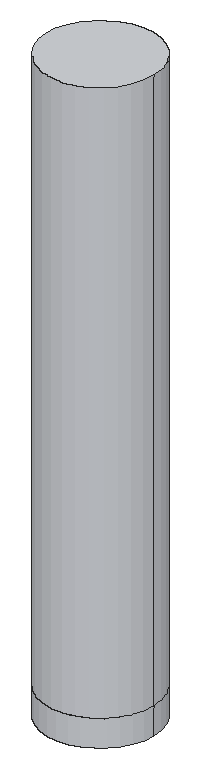
Revit family "4967522c6a214f3dba2197f91fe53585", category Sprinklers, host Face, Revit 2021
Family settings
  Host = Face
  Maintain Annotation Orientation = Yes
  Round Connector Dimension = Use Radius
  Part Type = Normal
  OmniClass Number = 23.65.70.17.11.24
  OmniClass Title = Fire Fighting Sprinkler Heads
  Seek Item ID = Sprinkler - Horizontal Sidewall - Hosted-0000-USA-ENU
  Cut with Voids When Loaded = No
  Shared = No
  Room Calculation Point = No
Parameters (values of type "1/2" Horizontal Sidewall")
  Temperature Rating = 135 °F
  Response = Standard
  Pressure Drop [instance] = 7.00 psi
  Pressure Class = Standard
  Orifice Size = 1/2"
  Orifice = Standard
  K-Factor = 5.6
  Flow [instance] = 30 GPM
  Escutcheon Diameter = Nominal Diameter  # 1/2"
  Coverage = Standard
  Nominal Diameter = Nominal Radius * 2  # 1/2"
  Nominal Radius = 1/4"
  Escutcheon Radius = 0.5 * Escutcheon Diameter  # 1/4"
  Protrusion = Overall Length - CEL  # 2 3/4"
  Overall Length = 3"
  Escutcheon Thickness = 1/8"
  Default Elevation = 8' - 0"
  CEL = 1/4"
  Assembly Code = ""
Types (2): name | Pressure Drop | Orifice Size | K-Factor | Flow | Escutcheon Diameter | Nominal Diameter | Nominal Radius | Escutcheon Radius | Protrusion | Overall Length | CEL
  1/2" Horizontal Sidewall | 7.00 psi | 1/2" | 5.6 | 30 GPM | 1/2" | 1/2" | 1/4" | 1/4" | 2 3/4" | 3" | 1/4"
  3/4" Horizontal Sidewall | 14.00 psi | 17/32" | 8 | 43 GPM | 3/4" | 3/4" | 3/8" | 3/8" | 2 9/16" | 2 15/16" | 3/8"
Reference planes (in)
  plane 1 "Center (Front/Back)": y = 0
  plane 2: z = 0
  plane 3 "Center (Left/Right)": x = 0
  plane 4: z = -0.25
  plane 5: z = 0.125
  plane 6: z = 2.75
  plane 7: z = 0
Forms (in)
  Extrusion 1, solid
    sketch origin (0, 0, 0) x (1, 0, 0) y (0, 1, 0)
      loop
        circle (0, 0) r 0.25
    from 0 to 2.75
  Extrusion 2, solid
    sketch origin (0, 0, 0) x (1, 0, 0) y (0, 1, 0)
      loop
        circle (0, 0) r 0.25
    from 0 to 0.125
Cuts and joins
  joined: Extrusion 1, Extrusion 2
Dimensions and locks (in)
  "Escutcheon Thickness": plane 5 to level
  "Protrusion": plane 6 to level
  "Overall Length": plane 6 to plane 4
  "CEL": plane 7 to plane 4
  "Nominal Radius": radius of Extrusion 1 sketch curve
  "Escutcheon Radius": radius of Extrusion 2 sketch curve
  aligned and locked: plane 2 to host face
  aligned and locked: level to host face
  aligned and locked: Extrusion 2 to level
  aligned and locked: plane 5 to Extrusion 2
  aligned and locked: plane 6 to Extrusion 1
  aligned and locked: Extrusion 1 to plane 7
Automatic sketch dimensions
  Extrusion 1 sketch curve to plane 1 "Center (Front/Back)" = 0' - 0"
  Extrusion 1 sketch curve to plane 3 "Center (Left/Right)" = 0' - 0"
  Extrusion 2 sketch curve to plane 1 "Center (Front/Back)" = 0' - 0"
  Extrusion 2 sketch curve to plane 3 "Center (Left/Right)" = 0' - 0"
  host sketch curve to host sketch curve = 8' - 0"  (x2)
Nested families (in)
  nested 1: "Sprinkler - Symbol - Horizontal Sidewall" at (0, 0, 0), type "Sprinkler - Symbol - Horizontal Sidewall"
Connectors (in)
  piping at (0, 0, 0), diameter 0.5, driven by "Nominal Radius", driven by "Flow", driven by "Pressure Drop"
    settings: on cut or joined group of Extrusion 1, Extrusion 2, index 1, connector inside diameter 1/2", connector length 0' - 0", flow factor 0, pipe flow 30 GPM, pressure drop 7.00 psi, fitting loss kfactor 0, connector angle 0.00°, fixture units 0, engagement length 0' - 0", angle of deflection 0.00°, flow configuration 1, flow direction 1, fitting loss method 4, system type 23, joint type 0, gender type 0, connector reference index -1, connector utility 0, adjustable connector no, is connector primary yes, connector description "In"
Definition of nested family "Sprinkler - Symbol - Horizontal Sidewall"
  Parameters
    Symbol Width = Symbol Depth  # 1/16"
    Symbol Half Width = 0.5 * Symbol Width  # 1/32"
    Symbol Depth = 1/16"
  Reference planes (in)
    plane 1: y = 0
    plane 2: x = 0
  Lines and regions (in)
    reference lines
      curve 1: line (-0.03125, 0, 0) -> (-0.03125, 0.0625, 0)
      curve 2: line (-0.03125, 0.0625, 0) -> (0.03125, 0.0625, 0)
      curve 3: line (0.03125, 0.0625, 0) -> (0.03125, 0, 0)
      curve 4: line (-0.03125, 0.0625, 0) -> (0, 0, 0)
      curve 5: line (0, 0, 0) -> (0.03125, 0.0625, 0)
    detail lines
      curve 6: line (-0.03125, 0.0625, 0) -> (0.03125, 0.0625, 0)
      curve 7: line (0.03125, 0.0625, 0) -> (0, 0, 0)
      curve 8: line (-0.03125, 0.0625, 0) -> (0, 0, 0)
  Dimensions and locks (in)
    equal spacing: curve 1, plane 2, curve 3
    "Symbol Depth": plane 1 to curve 2
    "Symbol Half Width": curve 1 to plane 2
    aligned and locked: plane 1 to curve 1
    aligned and locked: curve 6 to curve 2
    aligned and locked: curve 1 to curve 6
    aligned and locked: curve 6 to curve 3
    aligned and locked: curve 7 to curve 5
    aligned and locked: curve 2 to curve 7
    aligned and locked: plane 1 to curve 7
  Automatic sketch dimensions
    curve 5 to plane 1 = 0' - 0"
    curve 4 to plane 2 = 0' - 0"
    curve 3 to plane 1 = 0' - 0"
